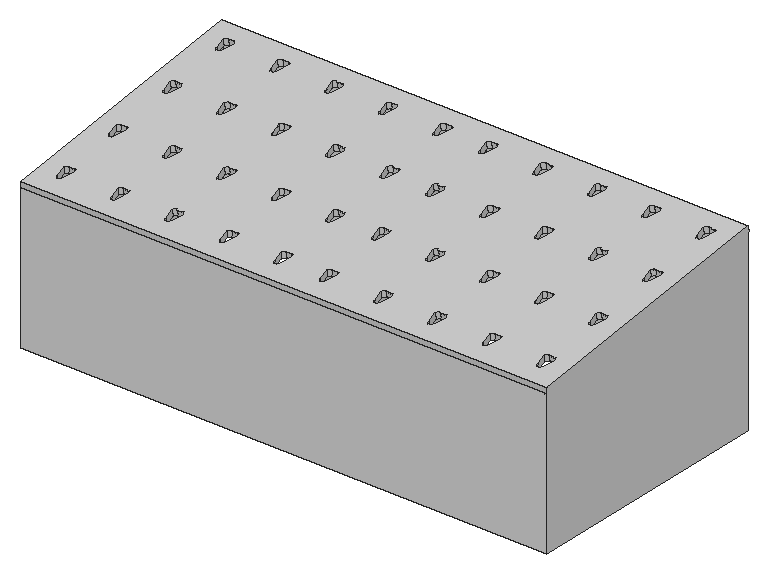
Revit family "CB", category Specialty Equipment, Revit 2012
Parameters (values of type "Golf Club Bunker (Default)")
  URL = "http://madixinc.com/display/freestanding.html"
  Model = "Golf Club Bunker"
  Manufacturer = "© 2012 Madix, Inc. All rights reserved."
  46" Width [instance] = yes
Reference planes (in)
  plane 1 "Center (Front/Back)": y = 0
  plane 2: z = 0
  plane 3 "Center (Left/Right)": x = 0
  plane 4: y = 11
  plane 5: y = -11
  plane 6: x = -23
  plane 7: x = 23
  plane 8: z = 16
  plane 9: z = 14
  plane 10: z = 13
  plane 11: x = -22.5
  plane 12: x = -11.5
  plane 13: z = 13
  plane 14: z = 15.5
  plane 15: y = -9.5
  plane 16: y = 9.5
  plane 17: y = -8
  plane 18: y = 8
  plane 19: y = -2.167
  plane 20: y = 2.167
  plane 21: y = -3.667
  plane 22: y = 3.667
  plane 23: x = -21
  plane 24: x = -21.5
  plane 25: x = -20.5
  plane 26: x = -12
  plane 27: x = -11
  plane 28: x = -16.25
  plane 29: x = -16.75
  plane 30: x = -15.75
  plane 31: x = -6.75
  plane 32: x = -6.25
  plane 33: x = -7.25
  plane 34: x = -2
  plane 35: x = -1.5
  plane 36: x = -2.5
  plane 37: x = -18.625
  plane 38: x = -13.875
  plane 39: y = -9.5
  plane 40: y = 9.5
  plane 41: y = -8
  plane 42: y = 8
  plane 43: y = -2.167
  plane 44: y = 2.167
  plane 45: y = -3.667
  plane 46: y = 3.667
  plane 47: x = -11.5
  plane 48: x = -11
  plane 49: x = -12
  plane 50: y = -9.5
  plane 51: y = 9.5
  plane 52: y = -8
  plane 53: y = 8
  plane 54: y = -2.167
  plane 55: y = 2.167
  plane 56: y = -3.667
  plane 57: y = 3.667
  plane 58: x = -2
  plane 59: x = -1.5
  plane 60: x = -2.5
  plane 61: x = -6.75
  plane 62: x = -6.25
  plane 63: x = -7.25
  plane 64: x = -4.375
  plane 65: y = -9.5
  plane 66: y = 9.5
  plane 67: y = -8
  plane 68: y = 8
  plane 69: y = -2.167
  plane 70: y = 2.167
  plane 71: y = -3.667
  plane 72: y = 3.667
  plane 73: z = 13
  plane 74: z = 13
  plane 75: y = -9.5
  plane 76: y = 9.5
  plane 77: y = -8
  plane 78: y = 8
  plane 79: y = -2.167
  plane 80: y = 2.167
  plane 81: y = -3.667
  plane 82: y = 3.667
  plane 83: x = 21
  plane 84: x = 21.5
  plane 85: x = 20.5
  plane 86: x = 12
  plane 87: x = 11
  plane 88: x = 16.25
  plane 89: x = 16.75
  plane 90: x = 15.75
  plane 91: x = 6.75
  plane 92: x = 6.25
  plane 93: x = 7.25
  plane 94: x = 2
  plane 95: x = 1.5
  plane 96: x = 2.5
  plane 97: x = 18.625
  plane 98: x = 13.875
  plane 99: y = -9.5
  plane 100: y = 9.5
  plane 101: y = -8
  plane 102: y = 8
  plane 103: y = -2.167
  plane 104: y = 2.167
  plane 105: y = -3.667
  plane 106: y = 3.667
  plane 107: x = 11.5
  plane 108: x = 11
  plane 109: x = 12
  plane 110: y = -9.5
  plane 111: y = 9.5
  plane 112: y = -8
  plane 113: y = 8
  plane 114: y = -2.167
  plane 115: y = 2.167
  plane 116: y = -3.667
  plane 117: y = 3.667
  plane 118: x = 2
  plane 119: x = 1.5
  plane 120: x = 2.5
  plane 121: x = 6.75
  plane 122: x = 6.25
  plane 123: x = 7.25
  plane 124: x = 4.375
  plane 125: y = -9.5
  plane 126: y = 9.5
  plane 127: y = -8
  plane 128: y = 8
  plane 129: y = -2.167
  plane 130: y = 2.167
  plane 131: y = -3.667
  plane 132: y = 3.667
Forms (in)
  Extrusion 1, solid, material "Metal - Steel", visible <- "46" Width"
    sketch origin (0, 0, 0) x (0, 1, 0) y (0, 0, 1)
      loop
        line (11, 15.5) -> (-11, 12.5) -> (-11, 0) -> (11, 0) -> (11, 15.5)
    from -22.5 to -23
  Extrusion 2, solid, material "Metal - Steel", visible <- "46" Width"
    sketch origin (-23, 0, 0) x (0, 1, 0) y (0, 0, -1)
      loop
        line (11, -15.5) -> (11, 0) -> (-11, 0) -> (-11, -12.5) -> (11, -15.5)
    from -22.5 to -23
  Extrusion 3, solid, material "Metal - Steel", visible <- "46" Width"
    sketch origin (0, 0, 0) x (0, 1, 0) y (0, 0, 1)
      loop
        line (11, 15.5) -> (10.5, 15.43182) -> (10.5, 0) -> (11, 0) -> (11, 15.5)
      loop
        line (-11, 12.5) -> (-11, 0) -> (-10.5, 0) -> (-10.5, 12.56818) -> (-11, 12.5)
    from -0.5 to -22.5
  Sweep 4, solid, material "Metal - Steel", visible <- "46" Width"
    path origin (0, 0, 0) x (0, 1, 0) y (0, 0, 1)
      loop
        line (0, 14) -> (-0.06756, 14.49542)
    profile origin (0, -0.03378, 14.24771) x (0, -0.99083, -0.135113) y (1, 0, 0)
      loop
        line (-11.1338, -23) -> (11.06938, -23) -> (11.06938, 0) -> (-11.1338, 0) -> (-11.1338, -23)
      loop
        line (-9.3838, -21.5) -> (-8.3838, -21.25)
        arc (-8.3838, -21.25) -> (-8.1338, -21) -> (-8.3838, -20.75) r 0.25
        line (-8.3838, -20.75) -> (-9.3838, -20.5)
        arc (-9.3838, -20.5) -> (-9.56058, -20.57322) -> (-9.6338, -20.75) r 0.25
        line (-9.6338, -20.75) -> (-9.6338, -21.25)
        arc (-9.6338, -21.25) -> (-9.56058, -21.42678) -> (-9.3838, -21.5) r 0.25
      loop
        line (-3.54005, -21.5) -> (-2.54005, -21.25)
        arc (-2.54005, -21.25) -> (-2.29005, -21) -> (-2.54005, -20.75) r 0.25
        line (-2.54005, -20.75) -> (-3.54005, -20.5)
        arc (-3.54005, -20.5) -> (-3.71683, -20.57322) -> (-3.79005, -20.75) r 0.25
        line (-3.79005, -20.75) -> (-3.79005, -21.25)
        arc (-3.79005, -21.25) -> (-3.71683, -21.42678) -> (-3.54005, -21.5) r 0.25
      loop
        line (2.45995, -21.5) -> (3.45995, -21.25)
        arc (3.45995, -21.25) -> (3.70995, -21) -> (3.45995, -20.75) r 0.25
        line (3.45995, -20.75) -> (2.45995, -20.5)
        arc (2.45995, -20.5) -> (2.28317, -20.57322) -> (2.20995, -20.75) r 0.25
        line (2.20995, -20.75) -> (2.20995, -21.25)
        arc (2.20995, -21.25) -> (2.28317, -21.42678) -> (2.45995, -21.5) r 0.25
      loop
        line (8.20995, -21.5) -> (9.20995, -21.25)
        arc (9.20995, -21.25) -> (9.45995, -21) -> (9.20995, -20.75) r 0.25
        line (9.20995, -20.75) -> (8.20995, -20.5)
        arc (8.20995, -20.5) -> (8.03317, -20.57322) -> (7.95995, -20.75) r 0.25
        line (7.95995, -20.75) -> (7.95995, -21.25)
        arc (7.95995, -21.25) -> (8.03317, -21.42678) -> (8.20995, -21.5) r 0.25
      loop
        arc (-9.3838, -15.75) -> (-9.56058, -15.82322) -> (-9.6338, -16) r 0.25
        line (-9.6338, -16) -> (-9.6338, -16.5)
        arc (-9.6338, -16.5) -> (-9.56058, -16.67678) -> (-9.3838, -16.75) r 0.25
        line (-9.3838, -16.75) -> (-8.3838, -16.5)
        arc (-8.3838, -16.5) -> (-8.1338, -16.25) -> (-8.3838, -16) r 0.25
        line (-8.3838, -16) -> (-9.3838, -15.75)
      loop
        arc (-3.54005, -15.75) -> (-3.71683, -15.82322) -> (-3.79005, -16) r 0.25
        line (-3.79005, -16) -> (-3.79005, -16.5)
        arc (-3.79005, -16.5) -> (-3.71683, -16.67678) -> (-3.54005, -16.75) r 0.25
        line (-3.54005, -16.75) -> (-2.54005, -16.5)
        arc (-2.54005, -16.5) -> (-2.29005, -16.25) -> (-2.54005, -16) r 0.25
        line (-2.54005, -16) -> (-3.54005, -15.75)
      loop
        arc (2.45995, -15.75) -> (2.28317, -15.82322) -> (2.20995, -16) r 0.25
        line (2.20995, -16) -> (2.20995, -16.5)
        arc (2.20995, -16.5) -> (2.28317, -16.67678) -> (2.45995, -16.75) r 0.25
        line (2.45995, -16.75) -> (3.45995, -16.5)
        arc (3.45995, -16.5) -> (3.70995, -16.25) -> (3.45995, -16) r 0.25
        line (3.45995, -16) -> (2.45995, -15.75)
      loop
        arc (8.20995, -15.75) -> (8.03317, -15.82322) -> (7.95995, -16) r 0.25
        line (7.95995, -16) -> (7.95995, -16.5)
        arc (7.95995, -16.5) -> (8.03317, -16.67678) -> (8.20995, -16.75) r 0.25
        line (8.20995, -16.75) -> (9.20995, -16.5)
        arc (9.20995, -16.5) -> (9.45995, -16.25) -> (9.20995, -16) r 0.25
        line (9.20995, -16) -> (8.20995, -15.75)
      loop
        line (-9.3838, -12) -> (-8.3838, -11.75)
        arc (-8.3838, -11.75) -> (-8.1338, -11.5) -> (-8.3838, -11.25) r 0.25
        line (-8.3838, -11.25) -> (-9.3838, -11)
        arc (-9.3838, -11) -> (-9.56058, -11.07322) -> (-9.6338, -11.25) r 0.25
        line (-9.6338, -11.25) -> (-9.6338, -11.75)
        arc (-9.6338, -11.75) -> (-9.56058, -11.92678) -> (-9.3838, -12) r 0.25
      loop
        line (-3.54005, -12) -> (-2.54005, -11.75)
        arc (-2.54005, -11.75) -> (-2.29005, -11.5) -> (-2.54005, -11.25) r 0.25
        line (-2.54005, -11.25) -> (-3.54005, -11)
        arc (-3.54005, -11) -> (-3.71683, -11.07322) -> (-3.79005, -11.25) r 0.25
        line (-3.79005, -11.25) -> (-3.79005, -11.75)
        arc (-3.79005, -11.75) -> (-3.71683, -11.92678) -> (-3.54005, -12) r 0.25
      loop
        line (2.45995, -12) -> (3.45995, -11.75)
        arc (3.45995, -11.75) -> (3.70995, -11.5) -> (3.45995, -11.25) r 0.25
        line (3.45995, -11.25) -> (2.45995, -11)
        arc (2.45995, -11) -> (2.28317, -11.07322) -> (2.20995, -11.25) r 0.25
        line (2.20995, -11.25) -> (2.20995, -11.75)
        arc (2.20995, -11.75) -> (2.28317, -11.92678) -> (2.45995, -12) r 0.25
      loop
        line (8.20995, -12) -> (9.20995, -11.75)
        arc (9.20995, -11.75) -> (9.45995, -11.5) -> (9.20995, -11.25) r 0.25
        line (9.20995, -11.25) -> (8.20995, -11)
        arc (8.20995, -11) -> (8.03317, -11.07322) -> (7.95995, -11.25) r 0.25
        line (7.95995, -11.25) -> (7.95995, -11.75)
        arc (7.95995, -11.75) -> (8.03317, -11.92678) -> (8.20995, -12) r 0.25
      loop
        arc (-9.3838, -1.5) -> (-9.56058, -1.57322) -> (-9.6338, -1.75) r 0.25
        line (-9.6338, -1.75) -> (-9.6338, -2.25)
        arc (-9.6338, -2.25) -> (-9.56058, -2.42678) -> (-9.3838, -2.5) r 0.25
        line (-9.3838, -2.5) -> (-8.3838, -2.25)
        arc (-8.3838, -2.25) -> (-8.1338, -2) -> (-8.3838, -1.75) r 0.25
        line (-8.3838, -1.75) -> (-9.3838, -1.5)
      loop
        arc (-3.54005, -1.5) -> (-3.71683, -1.57322) -> (-3.79005, -1.75) r 0.25
        line (-3.79005, -1.75) -> (-3.79005, -2.25)
        arc (-3.79005, -2.25) -> (-3.71683, -2.42678) -> (-3.54005, -2.5) r 0.25
        line (-3.54005, -2.5) -> (-2.54005, -2.25)
        arc (-2.54005, -2.25) -> (-2.29005, -2) -> (-2.54005, -1.75) r 0.25
        line (-2.54005, -1.75) -> (-3.54005, -1.5)
      loop
        arc (2.45995, -1.5) -> (2.28317, -1.57322) -> (2.20995, -1.75) r 0.25
        line (2.20995, -1.75) -> (2.20995, -2.25)
        arc (2.20995, -2.25) -> (2.28317, -2.42678) -> (2.45995, -2.5) r 0.25
        line (2.45995, -2.5) -> (3.45995, -2.25)
        arc (3.45995, -2.25) -> (3.70995, -2) -> (3.45995, -1.75) r 0.25
        line (3.45995, -1.75) -> (2.45995, -1.5)
      loop
        arc (8.20995, -1.5) -> (8.03317, -1.57322) -> (7.95995, -1.75) r 0.25
        line (7.95995, -1.75) -> (7.95995, -2.25)
        arc (7.95995, -2.25) -> (8.03317, -2.42678) -> (8.20995, -2.5) r 0.25
        line (8.20995, -2.5) -> (9.20995, -2.25)
        arc (9.20995, -2.25) -> (9.45995, -2) -> (9.20995, -1.75) r 0.25
        line (9.20995, -1.75) -> (8.20995, -1.5)
      loop
        line (-9.3838, -7.25) -> (-8.3838, -7)
        arc (-8.3838, -7) -> (-8.1338, -6.75) -> (-8.3838, -6.5) r 0.25
        line (-8.3838, -6.5) -> (-9.3838, -6.25)
        arc (-9.3838, -6.25) -> (-9.56058, -6.32322) -> (-9.6338, -6.5) r 0.25
        line (-9.6338, -6.5) -> (-9.6338, -7)
        arc (-9.6338, -7) -> (-9.56058, -7.17678) -> (-9.3838, -7.25) r 0.25
      loop
        line (-3.54005, -7.25) -> (-2.54005, -7)
        arc (-2.54005, -7) -> (-2.29005, -6.75) -> (-2.54005, -6.5) r 0.25
        line (-2.54005, -6.5) -> (-3.54005, -6.25)
        arc (-3.54005, -6.25) -> (-3.71683, -6.32322) -> (-3.79005, -6.5) r 0.25
        line (-3.79005, -6.5) -> (-3.79005, -7)
        arc (-3.79005, -7) -> (-3.71683, -7.17678) -> (-3.54005, -7.25) r 0.25
      loop
        line (2.45995, -7.25) -> (3.45995, -7)
        arc (3.45995, -7) -> (3.70995, -6.75) -> (3.45995, -6.5) r 0.25
        line (3.45995, -6.5) -> (2.45995, -6.25)
        arc (2.45995, -6.25) -> (2.28317, -6.32322) -> (2.20995, -6.5) r 0.25
        line (2.20995, -6.5) -> (2.20995, -7)
        arc (2.20995, -7) -> (2.28317, -7.17678) -> (2.45995, -7.25) r 0.25
      loop
        line (8.20995, -7.25) -> (9.20995, -7)
        arc (9.20995, -7) -> (9.45995, -6.75) -> (9.20995, -6.5) r 0.25
        line (9.20995, -6.5) -> (8.20995, -6.25)
        arc (8.20995, -6.25) -> (8.03317, -6.32322) -> (7.95995, -6.5) r 0.25
        line (7.95995, -6.5) -> (7.95995, -7)
        arc (7.95995, -7) -> (8.03317, -7.17678) -> (8.20995, -7.25) r 0.25
  Extrusion 5, solid, material "Metal - Steel", visible <- "46" Width"
    sketch origin (0, 0, 0) x (0, 1, 0) y (0, 0, -1)
      loop
        line (11, -15.5) -> (11, 0) -> (-11, 0) -> (-11, -12.5) -> (11, -15.5)
    from -22.5 to -23
  Extrusion 6, solid, material "Metal - Steel", visible <- "46" Width"
    sketch origin (23, 0, 0) x (0, 1, 0) y (0, 0, 1)
      loop
        line (11, 15.5) -> (-11, 12.5) -> (-11, 0) -> (11, 0) -> (11, 15.5)
    from -22.5 to -23
  Extrusion 7, solid, material "Metal - Steel", visible <- "46" Width"
    sketch origin (0, 0, 0) x (0, 1, 0) y (0, 0, -1)
      loop
        line (11, -15.5) -> (11, 0) -> (10.5, 0) -> (10.5, -15.43182) -> (11, -15.5)
      loop
        line (-11, -12.5) -> (-10.5, -12.56818) -> (-10.5, 0) -> (-11, 0) -> (-11, -12.5)
    from -0.5 to -22.5
  Sweep 8, solid, material "Metal - Steel", visible <- "46" Width"
    path origin (0, 0, 0) x (0, 1, 0) y (0, 0, -1)
      loop
        line (0, -14) -> (-0.06756, -14.49542)
    profile origin (0, -0.03378, 14.24771) x (0, 0.99083, 0.135113) y (-1, 0, 0)
      loop
        line (11.1338, -23) -> (11.1338, 0) -> (-11.06938, 0) -> (-11.06938, -23) -> (11.1338, -23)
      loop
        arc (9.3838, -21.5) -> (9.56058, -21.42678) -> (9.6338, -21.25) r 0.25
        line (9.6338, -21.25) -> (9.6338, -20.75)
        arc (9.6338, -20.75) -> (9.56058, -20.57322) -> (9.3838, -20.5) r 0.25
        line (9.3838, -20.5) -> (8.3838, -20.75)
        arc (8.3838, -20.75) -> (8.1338, -21) -> (8.3838, -21.25) r 0.25
        line (8.3838, -21.25) -> (9.3838, -21.5)
      loop
        arc (3.54005, -21.5) -> (3.71683, -21.42678) -> (3.79005, -21.25) r 0.25
        line (3.79005, -21.25) -> (3.79005, -20.75)
        arc (3.79005, -20.75) -> (3.71683, -20.57322) -> (3.54005, -20.5) r 0.25
        line (3.54005, -20.5) -> (2.54005, -20.75)
        arc (2.54005, -20.75) -> (2.29005, -21) -> (2.54005, -21.25) r 0.25
        line (2.54005, -21.25) -> (3.54005, -21.5)
      loop
        arc (-2.45995, -21.5) -> (-2.28317, -21.42678) -> (-2.20995, -21.25) r 0.25
        line (-2.20995, -21.25) -> (-2.20995, -20.75)
        arc (-2.20995, -20.75) -> (-2.28317, -20.57322) -> (-2.45995, -20.5) r 0.25
        line (-2.45995, -20.5) -> (-3.45995, -20.75)
        arc (-3.45995, -20.75) -> (-3.70995, -21) -> (-3.45995, -21.25) r 0.25
        line (-3.45995, -21.25) -> (-2.45995, -21.5)
      loop
        arc (-8.20995, -21.5) -> (-8.03317, -21.42678) -> (-7.95995, -21.25) r 0.25
        line (-7.95995, -21.25) -> (-7.95995, -20.75)
        arc (-7.95995, -20.75) -> (-8.03317, -20.57322) -> (-8.20995, -20.5) r 0.25
        line (-8.20995, -20.5) -> (-9.20995, -20.75)
        arc (-9.20995, -20.75) -> (-9.45995, -21) -> (-9.20995, -21.25) r 0.25
        line (-9.20995, -21.25) -> (-8.20995, -21.5)
      loop
        line (9.3838, -15.75) -> (8.3838, -16)
        arc (8.3838, -16) -> (8.1338, -16.25) -> (8.3838, -16.5) r 0.25
        line (8.3838, -16.5) -> (9.3838, -16.75)
        arc (9.3838, -16.75) -> (9.56058, -16.67678) -> (9.6338, -16.5) r 0.25
        line (9.6338, -16.5) -> (9.6338, -16)
        arc (9.6338, -16) -> (9.56058, -15.82322) -> (9.3838, -15.75) r 0.25
      loop
        line (3.54005, -15.75) -> (2.54005, -16)
        arc (2.54005, -16) -> (2.29005, -16.25) -> (2.54005, -16.5) r 0.25
        line (2.54005, -16.5) -> (3.54005, -16.75)
        arc (3.54005, -16.75) -> (3.71683, -16.67678) -> (3.79005, -16.5) r 0.25
        line (3.79005, -16.5) -> (3.79005, -16)
        arc (3.79005, -16) -> (3.71683, -15.82322) -> (3.54005, -15.75) r 0.25
      loop
        line (-2.45995, -15.75) -> (-3.45995, -16)
        arc (-3.45995, -16) -> (-3.70995, -16.25) -> (-3.45995, -16.5) r 0.25
        line (-3.45995, -16.5) -> (-2.45995, -16.75)
        arc (-2.45995, -16.75) -> (-2.28317, -16.67678) -> (-2.20995, -16.5) r 0.25
        line (-2.20995, -16.5) -> (-2.20995, -16)
        arc (-2.20995, -16) -> (-2.28317, -15.82322) -> (-2.45995, -15.75) r 0.25
      loop
        line (-8.20995, -15.75) -> (-9.20995, -16)
        arc (-9.20995, -16) -> (-9.45995, -16.25) -> (-9.20995, -16.5) r 0.25
        line (-9.20995, -16.5) -> (-8.20995, -16.75)
        arc (-8.20995, -16.75) -> (-8.03317, -16.67678) -> (-7.95995, -16.5) r 0.25
        line (-7.95995, -16.5) -> (-7.95995, -16)
        arc (-7.95995, -16) -> (-8.03317, -15.82322) -> (-8.20995, -15.75) r 0.25
      loop
        arc (9.3838, -12) -> (9.56058, -11.92678) -> (9.6338, -11.75) r 0.25
        line (9.6338, -11.75) -> (9.6338, -11.25)
        arc (9.6338, -11.25) -> (9.56058, -11.07322) -> (9.3838, -11) r 0.25
        line (9.3838, -11) -> (8.3838, -11.25)
        arc (8.3838, -11.25) -> (8.1338, -11.5) -> (8.3838, -11.75) r 0.25
        line (8.3838, -11.75) -> (9.3838, -12)
      loop
        arc (3.54005, -12) -> (3.71683, -11.92678) -> (3.79005, -11.75) r 0.25
        line (3.79005, -11.75) -> (3.79005, -11.25)
        arc (3.79005, -11.25) -> (3.71683, -11.07322) -> (3.54005, -11) r 0.25
        line (3.54005, -11) -> (2.54005, -11.25)
        arc (2.54005, -11.25) -> (2.29005, -11.5) -> (2.54005, -11.75) r 0.25
        line (2.54005, -11.75) -> (3.54005, -12)
      loop
        arc (-2.45995, -12) -> (-2.28317, -11.92678) -> (-2.20995, -11.75) r 0.25
        line (-2.20995, -11.75) -> (-2.20995, -11.25)
        arc (-2.20995, -11.25) -> (-2.28317, -11.07322) -> (-2.45995, -11) r 0.25
        line (-2.45995, -11) -> (-3.45995, -11.25)
        arc (-3.45995, -11.25) -> (-3.70995, -11.5) -> (-3.45995, -11.75) r 0.25
        line (-3.45995, -11.75) -> (-2.45995, -12)
      loop
        arc (-8.20995, -12) -> (-8.03317, -11.92678) -> (-7.95995, -11.75) r 0.25
        line (-7.95995, -11.75) -> (-7.95995, -11.25)
        arc (-7.95995, -11.25) -> (-8.03317, -11.07322) -> (-8.20995, -11) r 0.25
        line (-8.20995, -11) -> (-9.20995, -11.25)
        arc (-9.20995, -11.25) -> (-9.45995, -11.5) -> (-9.20995, -11.75) r 0.25
        line (-9.20995, -11.75) -> (-8.20995, -12)
      loop
        line (9.3838, -1.5) -> (8.3838, -1.75)
        arc (8.3838, -1.75) -> (8.1338, -2) -> (8.3838, -2.25) r 0.25
        line (8.3838, -2.25) -> (9.3838, -2.5)
        arc (9.3838, -2.5) -> (9.56058, -2.42678) -> (9.6338, -2.25) r 0.25
        line (9.6338, -2.25) -> (9.6338, -1.75)
        arc (9.6338, -1.75) -> (9.56058, -1.57322) -> (9.3838, -1.5) r 0.25
      loop
        line (3.54005, -1.5) -> (2.54005, -1.75)
        arc (2.54005, -1.75) -> (2.29005, -2) -> (2.54005, -2.25) r 0.25
        line (2.54005, -2.25) -> (3.54005, -2.5)
        arc (3.54005, -2.5) -> (3.71683, -2.42678) -> (3.79005, -2.25) r 0.25
        line (3.79005, -2.25) -> (3.79005, -1.75)
        arc (3.79005, -1.75) -> (3.71683, -1.57322) -> (3.54005, -1.5) r 0.25
      loop
        line (-2.45995, -1.5) -> (-3.45995, -1.75)
        arc (-3.45995, -1.75) -> (-3.70995, -2) -> (-3.45995, -2.25) r 0.25
        line (-3.45995, -2.25) -> (-2.45995, -2.5)
        arc (-2.45995, -2.5) -> (-2.28317, -2.42678) -> (-2.20995, -2.25) r 0.25
        line (-2.20995, -2.25) -> (-2.20995, -1.75)
        arc (-2.20995, -1.75) -> (-2.28317, -1.57322) -> (-2.45995, -1.5) r 0.25
      loop
        line (-8.20995, -1.5) -> (-9.20995, -1.75)
        arc (-9.20995, -1.75) -> (-9.45995, -2) -> (-9.20995, -2.25) r 0.25
        line (-9.20995, -2.25) -> (-8.20995, -2.5)
        arc (-8.20995, -2.5) -> (-8.03317, -2.42678) -> (-7.95995, -2.25) r 0.25
        line (-7.95995, -2.25) -> (-7.95995, -1.75)
        arc (-7.95995, -1.75) -> (-8.03317, -1.57322) -> (-8.20995, -1.5) r 0.25
      loop
        arc (9.3838, -7.25) -> (9.56058, -7.17678) -> (9.6338, -7) r 0.25
        line (9.6338, -7) -> (9.6338, -6.5)
        arc (9.6338, -6.5) -> (9.56058, -6.32322) -> (9.3838, -6.25) r 0.25
        line (9.3838, -6.25) -> (8.3838, -6.5)
        arc (8.3838, -6.5) -> (8.1338, -6.75) -> (8.3838, -7) r 0.25
        line (8.3838, -7) -> (9.3838, -7.25)
      loop
        arc (3.54005, -7.25) -> (3.71683, -7.17678) -> (3.79005, -7) r 0.25
        line (3.79005, -7) -> (3.79005, -6.5)
        arc (3.79005, -6.5) -> (3.71683, -6.32322) -> (3.54005, -6.25) r 0.25
        line (3.54005, -6.25) -> (2.54005, -6.5)
        arc (2.54005, -6.5) -> (2.29005, -6.75) -> (2.54005, -7) r 0.25
        line (2.54005, -7) -> (3.54005, -7.25)
      loop
        arc (-2.45995, -7.25) -> (-2.28317, -7.17678) -> (-2.20995, -7) r 0.25
        line (-2.20995, -7) -> (-2.20995, -6.5)
        arc (-2.20995, -6.5) -> (-2.28317, -6.32322) -> (-2.45995, -6.25) r 0.25
        line (-2.45995, -6.25) -> (-3.45995, -6.5)
        arc (-3.45995, -6.5) -> (-3.70995, -6.75) -> (-3.45995, -7) r 0.25
        line (-3.45995, -7) -> (-2.45995, -7.25)
      loop
        arc (-8.20995, -7.25) -> (-8.03317, -7.17678) -> (-7.95995, -7) r 0.25
        line (-7.95995, -7) -> (-7.95995, -6.5)
        arc (-7.95995, -6.5) -> (-8.03317, -6.32322) -> (-8.20995, -6.25) r 0.25
        line (-8.20995, -6.25) -> (-9.20995, -6.5)
        arc (-9.20995, -6.5) -> (-9.45995, -6.75) -> (-9.20995, -7) r 0.25
        line (-9.20995, -7) -> (-8.20995, -7.25)
Cuts and joins
  joined: Extrusion 1, Extrusion 2, Extrusion 3, Sweep 4, Extrusion 5, Extrusion 6, Extrusion 7, Sweep 8
Dimensions and locks (in)
  aligned and locked: level to plane 2
